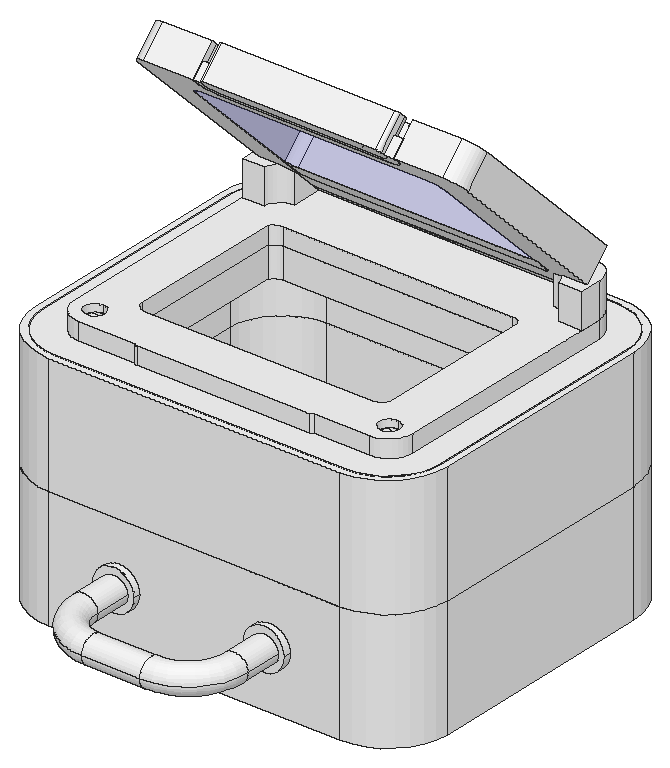
Revit family "Domotics-SerieCivili-GEWISS-27COMBI_SYSTEM-IP55_PALO", category Apparecchi elettrici, host Superficie, Revit 2016 (continued)
Definition of nested family "SYSTEM CONTENITORI IP55 3P PALO_BASE"
  Automatic sketch dimensions
    Extrusion 4 sketch curve to Extrusion 4 sketch curve = 0.508 mm
    Extrusion 4 sketch curve to Extrusion 4 sketch curve = 0.492 mm
    Extrusion 4 sketch curve to plane 3 "Centro (Sinistra/Destra)" = 25.037 mm
    Extrusion 4 sketch curve to Extrusion 4 sketch curve = 7.602 mm
    Extrusion 4 sketch curve to Extrusion 4 sketch curve = 8.737 mm
    Extrusion 4 sketch curve to plane 13 = 14.737 mm
    Extrusion 4 sketch curve to Extrusion 4 sketch curve = 0.027 mm
    plane 4 to Revolve 8 sketch curve = 15.022 mm
    Revolve 8 sketch curve to Revolve 8 sketch curve = 2.225 mm
    Revolve 8 sketch curve to Revolve 8 sketch curve = 2.242 mm
    Revolve 8 sketch curve to Revolve 8 sketch curve = 1.974 mm
    Revolve 8 sketch curve to Revolve 8 sketch curve = 0 mm  (x3)
    plane 10 "1" to Extrusion 9 sketch curve = 0 mm
    plane 4 to Extrusion 9 sketch curve = 17.263 mm
    plane 5 to Revolve 10 sketch curve = 15.022 mm
    Revolve 10 sketch curve to Revolve 10 sketch curve = 2.225 mm
    Revolve 10 sketch curve to Revolve 10 sketch curve = 2.242 mm
    Revolve 10 sketch curve to Revolve 10 sketch curve = 1.974 mm
    Revolve 10 sketch curve to Revolve 10 sketch curve = 0 mm  (x3)
    plane 10 "1" to Extrusion 11 sketch curve = 0 mm
    plane 13 to Extrusion 11 sketch curve = 14.737 mm
    Extrusion 12 sketch curve to plane 7 = 17.169 mm
    Extrusion 12 sketch curve to plane 4 = 17.263 mm
    Extrusion 13 sketch curve to Extrusion 13 sketch curve = 0 mm  (x2)
    plane 7 to Extrusion 13 sketch curve = 17.169 mm
    Extrusion 13 sketch curve to plane 13 = 15.263 mm
    Extrusion 13 sketch curve to Extrusion 13 sketch curve = 3 mm
    Extrusion 15 sketch curve to Extrusion 15 sketch curve = 0 mm  (x5)
    plane 10 "1" to Extrusion 15 sketch curve = 0 mm  (x2)
    Extrusion 15 sketch curve to plane 10 "1" = 6.5 mm  (x2)
    Extrusion 15 sketch curve to plane 5 = 7.985 mm
    plane 6 to Extrusion 15 sketch curve = 161.894 mm
    plane 4 to Extrusion 15 sketch curve = 7.985 mm
    plane 10 "1" to Extrusion 15 sketch curve = 0.5 mm  (x2)
    plane 10 "1" to Extrusion 15 sketch curve = 2.155 mm  (x2)
    Extrusion 15 sketch curve to Extrusion 15 sketch curve = 6.531 mm
    Extrusion 15 sketch curve to Extrusion 15 sketch curve = 6.539 mm
    Extrusion 15 sketch curve to Extrusion 15 sketch curve = 5.497 mm  (x2)
    plane 4 to Extrusion 15 sketch curve = 10.763 mm
    Extrusion 15 sketch curve to Extrusion 15 sketch curve = 0.5 mm
    Extrusion 15 sketch curve to Extrusion 15 sketch curve = 4.5 mm
    Extrusion 15 sketch curve to Extrusion 15 sketch curve = 0.189 mm  (x2)
    Extrusion 15 sketch curve to plane 13 = 9.548 mm
    Extrusion 15 sketch curve to Extrusion 15 sketch curve = 5 mm
    Extrusion 15 sketch curve to Extrusion 15 sketch curve = 0.027 mm
    Extrusion 15 sketch curve to plane 10 "1" = 3 mm
    Extrusion 15 sketch curve to Extrusion 15 sketch curve = 3 mm
    Revolve 40 sketch curve to plane 12 = 0 mm
    plane 4 to Revolve 40 sketch curve = 15.022 mm
    plane 11 "PIANO BIDIMENSIONALE" to Revolve 40 sketch curve = 1.026 mm
    Revolve 40 sketch curve to Revolve 40 sketch curve = 2.225 mm
    Revolve 40 sketch curve to plane 9 = 1 mm
    Revolve 40 sketch curve to Revolve 40 sketch curve = 0 mm  (x2)
    Revolve 41 sketch curve to plane 12 = 0 mm
    Revolve 41 sketch curve to plane 5 = 14.475 mm
    plane 11 "PIANO BIDIMENSIONALE" to Revolve 41 sketch curve = 1.026 mm
    Revolve 41 sketch curve to Revolve 41 sketch curve = 2.225 mm
    Revolve 41 sketch curve to plane 9 = 1 mm
    Revolve 41 sketch curve to Revolve 41 sketch curve = 0 mm  (x2)
    plane 4 to Extrusion 42 sketch curve = 2 mm
    plane 10 "1" to Extrusion 42 sketch curve = 0.669 mm  (x2)
    Extrusion 42 sketch curve to Extrusion 42 sketch curve = 15.5 mm
    plane 7 to Extrusion 42 sketch curve = 2 mm
    plane 4 to Extrusion 42 sketch curve = 17.5 mm
    Extrusion 42 sketch curve to Extrusion 42 sketch curve = 6 mm
    Extrusion 42 sketch curve to Extrusion 42 sketch curve = 3 mm  (x3)
    Extrusion 42 sketch curve to plane 13 = 5.5 mm  (x2)
    Extrusion 42 sketch curve to plane 13 = 14.5 mm  (x2)
    Extrusion 42 sketch curve to Extrusion 42 sketch curve = 6.169 mm
    plane 10 "1" to Extrusion 42 sketch curve = 15.5 mm
    Extrusion 42 sketch curve to Extrusion 42 sketch curve = 14.831 mm
    Extrusion 42 sketch curve to Extrusion 42 sketch curve = 1.803 mm
    Extrusion 43 sketch curve to plane 15 "2" = 0 mm
    plane 16 to Extrusion 43 sketch curve = 0 mm
    Extrusion 44 sketch curve to plane 15 "2" = 0 mm
    plane 3 "Centro (Sinistra/Destra)" to Extrusion 44 sketch curve = 22 mm
    Sweep 45 sketch curve to profile plane = 0 mm
    profile plane to Sweep 45 sketch curve = 4.038 mm
    Extrusion 46 sketch curve to plane 15 "2" = 0 mm
    plane 16 to Extrusion 46 sketch curve = 0 mm
    Extrusion 47 sketch curve to plane 15 "2" = 0 mm
    Extrusion 47 sketch curve to plane 3 "Centro (Sinistra/Destra)" = 22 mm
    Sweep 48 sketch curve to profile plane = 0 mm
    Sweep 48 sketch curve to profile plane = 4.038 mm
    curve 4 to curve 13 = 0 mm  (x4)
    curve 6 to curve 15 = 0 mm  (x4)
    curve 111 to curve 108 = 0 mm
    curve 111 to curve 104 = 1 mm
    curve 108 to curve 105 = 1 mm
    curve 59 to curve 18 = 0.5 mm
    curve 52 to curve 20 = 0.5 mm
    curve 18 to curve 9 = 0.012 mm
    curve 20 to curve 11 = 0.127 mm
    curve 9 to curve 8 = 0.157 mm
    curve 11 to curve 3 = 0.042 mm
    curve 85 to curve 57 = 0.152 mm
    curve 83 to curve 50 = 0.152 mm
    curve 85 to curve 79 = 8 mm
    curve 82 to curve 73 = 44 mm
    curve 78 to curve 63 = 5.169 mm
    curve 73 to curve 44 = 5.169 mm
    curve 63 to curve 28 = 3.831 mm
    curve 22 to curve 4 = 0.169 mm
    curve 28 to curve 6 = 0.169 mm
    curve 4 to curve 45 = 0.331 mm
    curve 28 to curve 68 = 0.5 mm
    curve 68 to curve 65 = 0.169 mm
    curve 45 to curve 42 = 0.169 mm
    curve 65 to curve 122 = 2.688 mm
    curve 42 to curve 120 = 2.688 mm
    curve 122 to curve 30 = 0.977 mm
    curve 120 to curve 32 = 0.977 mm
    curve 30 to curve 37 = 0.457 mm
    curve 32 to curve 34 = 0.457 mm
    curve 34 to curve 35 = 0 mm
    curve 36 to curve 37 = 0 mm
    curve 30 to curve 38 = 0.457 mm
    curve 35 to curve 101 = 25.799 mm
    curve 101 to curve 98 = 0 mm
    curve 98 to curve 95 = 1 mm
    curve 101 to curve 93 = 1 mm
    curve 49 to curve 44 = 5.315 mm
    curve 44 to curve 42 = 3.7 mm
    curve 42 to curve 45 = 0.263 mm
    curve 52 to curve 3 = 0.237 mm
    curve 45 to curve 13 = 0.237 mm
    curve 3 to curve 11 = 0.004 mm
    curve 4 to curve 22 = 0.263 mm
    curve 11 to curve 20 = 0.259 mm
    curve 20 to curve 50 = 4.689 mm
    curve 50 to curve 83 = 4.048 mm
    curve 40 to curve 24 = 13.463 mm
    curve 24 to curve 120 = 0.5 mm
    curve 120 to curve 32 = 1.5 mm
    curve 32 to curve 34 = 5.7 mm
    curve 24 to curve 93 = 9.592 mm
    curve 34 to curve 35 = 8.8 mm
    curve 111 to curve 104 = 6.982 mm
    curve 93 to curve 101 = 6.982 mm
    curve 101 to curve 100 = 8.5 mm
    curve 101 to curve 55 = 8.633 mm
    curve 35 to curve 36 = 8.8 mm
    curve 104 to curve 105 = 17 mm
    curve 100 to curve 98 = 8.5 mm
    curve 36 to curve 37 = 8.8 mm
    curve 105 to curve 108 = 6.982 mm
    curve 98 to curve 95 = 6.982 mm
    curve 37 to curve 38 = 8.8 mm
    curve 38 to curve 30 = 5.7 mm
    curve 30 to curve 122 = 1.5 mm
    curve 30 to curve 26 = 2 mm
    curve 108 to curve 79 = 17.98 mm
    curve 122 to curve 78 = 8.437 mm
    curve 85 to curve 79 = 0 mm
    curve 85 to curve 57 = 4.575 mm
    curve 78 to curve 67 = 5 mm
    curve 57 to curve 8 = 4.425 mm
    curve 8 to curve 9 = 0.029 mm
    curve 9 to curve 18 = 0.235 mm
    curve 6 to curve 28 = 0.263 mm
    curve 6 to curve 65 = 0.5 mm
    curve 18 to curve 59 = 0.5 mm
    curve 65 to curve 68 = 0.263 mm
    curve 105 to curve 114 = 11.922 mm
    curve 116 to curve 116 = 1 mm
    curve 113 to curve 115 = 1 mm
    curve 1 to curve 10 = 3.567 mm
    curve 56 to curve 55 = 2.9 mm
    curve 51 to curve 55 = 2.901 mm
    curve 53 to curve 52 = 2 mm
    curve 60 to curve 59 = 1.728 mm
    curve 61 to curve 59 = 1.276 mm
    curve 54 to curve 20 = 1.05 mm
    curve 12 to curve 3 = 1.067 mm
    curve 52 to curve 54 = 0.55 mm
    curve 8 to curve 61 = 0.607 mm
    curve 59 to curve 60 = 1.728 mm
    curve 3 to curve 53 = 1.331 mm
    curve 54 to curve 51 = 2.705 mm
    curve 61 to curve 57 = 1.176 mm
    curve 83 to curve 83 = 3 mm
    curve 53 to curve 49 = 4.833 mm
    curve 49 to curve 48 = 0.169 mm
    curve 48 to curve 49 = 0.029 mm
    curve 58 to curve 57 = 0.325 mm
    curve 57 to curve 62 = 0.15 mm
    curve 62 to curve 58 = 0.032 mm
    curve 79 to curve 79 = 1.697 mm
    curve 81 to curve 82 = 1.697 mm
    curve 75 to curve 82 = 0.5 mm
    curve 118 to curve 79 = 0.5 mm
    curve 73 to curve 76 = 0.5 mm
    curve 76 to curve 72 = 2.5 mm
    curve 42 to curve 22 = 2.831 mm
    curve 63 to curve 63 = 1 mm
    curve 64 to curve 69 = 1.331 mm
    curve 42 to curve 46 = 1.701 mm
    curve 16 to curve 6 = 1.102 mm
    curve 47 to curve 22 = 0.821 mm
    curve 70 to curve 68 = 0.55 mm
    curve 12 to curve 13 = 0 mm  (x2)
    curve 6 to curve 70 = 0.881 mm
    curve 42 to curve 47 = 1.152 mm
    curve 45 to curve 46 = 1.631 mm
    curve 65 to curve 69 = 1.831 mm
    curve 40 to curve 40 = 1 mm
    curve 120 to curve 39 = 2.012 mm
    curve 67 to curve 67 = 1 mm
    curve 71 to curve 123 = 1.631 mm
    curve 39 to curve 119 = 1.631 mm
    curve 27 to curve 25 = 0.492 mm
    curve 13 to curve 5 = 3.65 mm
    curve 91 to curve 90 = 1 mm
    curve 88 to curve 92 = 1 mm
    curve 95 to curve 95 = 1 mm
    curve 100 to curve 99 = 7 mm
    curve 49 to curve 48 = 1.537 mm
    curve 54 to curve 52 = 2.1 mm
    curve 47 to curve 42 = 1.459 mm
    curve 46 to curve 42 = 1.019 mm
    curve 53 to curve 52 = 0.55 mm
    curve 3 to curve 53 = 0.313 mm
    curve 45 to curve 46 = 1.282 mm
    curve 22 to curve 47 = 1.223 mm
    curve 20 to curve 54 = 1.6 mm
    curve 54 to curve 55 = 2.9 mm
    curve 80 to curve 82 = 1.15 mm
    curve 76 to curve 73 = 1.15 mm
    curve 86 to curve 24 = 2.963 mm
    curve 124 to curve 104 = 2.038 mm
    curve 33 to curve 23 = 0.138 mm
    curve 102 to curve 92 = 9.518 mm
    curve 112 to curve 110 = 9.518 mm
    curve 92 to curve 87 = 0.444 mm
    curve 110 to curve 116 = 0.444 mm
    curve 108 to curve 115 = 0.48 mm
    curve 95 to curve 90 = 0.48 mm
    curve 113 to curve 107 = 0.52 mm
    curve 27 to curve 26 = 0.138 mm
    curve 106 to curve 113 = 1.962 mm
    curve 97 to curve 91 = 1.962 mm
    curve 26 to curve 123 = 3 mm
    curve 78 to curve 118 = 1.15 mm
    curve 57 to curve 8 = 4.437 mm
    curve 70 to curve 6 = 1.337 mm
    curve 61 to curve 8 = 0.872 mm
    curve 60 to curve 59 = 1.314 mm
    curve 69 to curve 65 = 0.287 mm
    curve 65 to curve 69 = 0.813 mm
    curve 59 to curve 60 = 1.314 mm
    curve 59 to curve 61 = 1.636 mm
    curve 68 to curve 70 = 2.1 mm
    curve 62 to curve 58 = 2.063 mm
    curve 252 to curve 261 = 0 mm  (x4)
    curve 254 to curve 263 = 0 mm  (x4)
    curve 359 to curve 356 = 0 mm
    curve 359 to curve 352 = 1 mm
    curve 356 to curve 353 = 1 mm
    curve 307 to curve 266 = 0.5 mm
    curve 300 to curve 268 = 0.5 mm
    curve 266 to curve 257 = 0.012 mm
    curve 268 to curve 259 = 0.127 mm
    curve 257 to curve 256 = 0.157 mm
    curve 259 to curve 251 = 0.042 mm
    curve 333 to curve 305 = 0.152 mm
    curve 331 to curve 298 = 0.152 mm
    curve 333 to curve 327 = 8 mm
    curve 330 to curve 321 = 44 mm
    curve 326 to curve 311 = 5.169 mm
    curve 321 to curve 292 = 5.169 mm
    curve 311 to curve 276 = 3.831 mm
    curve 270 to curve 252 = 0.169 mm
    curve 276 to curve 254 = 0.169 mm
    curve 252 to curve 293 = 0.331 mm
    curve 276 to curve 316 = 0.5 mm
    curve 316 to curve 313 = 0.169 mm
    curve 293 to curve 290 = 0.169 mm
    curve 313 to curve 370 = 2.688 mm
    curve 290 to curve 368 = 2.688 mm
    curve 370 to curve 278 = 0.977 mm
    curve 368 to curve 280 = 0.977 mm
    curve 278 to curve 285 = 0.457 mm
    curve 280 to curve 282 = 0.457 mm
    curve 282 to curve 283 = 0 mm
    curve 284 to curve 285 = 0 mm
    curve 278 to curve 286 = 0.457 mm
    curve 283 to curve 349 = 25.799 mm
    curve 349 to curve 346 = 0 mm
    curve 346 to curve 343 = 1 mm
    curve 349 to curve 341 = 1 mm
    curve 297 to curve 292 = 5.315 mm
    curve 292 to curve 290 = 3.7 mm
    curve 290 to curve 293 = 0.263 mm
    curve 300 to curve 251 = 0.237 mm
    curve 293 to curve 261 = 0.237 mm
    curve 251 to curve 259 = 0.004 mm
    curve 252 to curve 270 = 0.263 mm
    curve 259 to curve 268 = 0.259 mm
    curve 268 to curve 298 = 4.689 mm
    curve 298 to curve 331 = 4.048 mm
    curve 288 to curve 272 = 13.463 mm
    curve 272 to curve 368 = 0.5 mm
    curve 368 to curve 280 = 1.5 mm
    curve 280 to curve 282 = 5.7 mm
    curve 272 to curve 341 = 9.592 mm
    curve 282 to curve 283 = 8.8 mm
    curve 359 to curve 352 = 6.982 mm
    curve 341 to curve 349 = 6.982 mm
    curve 349 to curve 348 = 8.5 mm
    curve 349 to curve 303 = 8.633 mm
    curve 283 to curve 284 = 8.8 mm
    curve 352 to curve 353 = 17 mm
    curve 348 to curve 346 = 8.5 mm
    curve 284 to curve 285 = 8.8 mm
    curve 353 to curve 356 = 6.982 mm
    curve 346 to curve 343 = 6.982 mm
    curve 285 to curve 286 = 8.8 mm
    curve 286 to curve 278 = 5.7 mm
    curve 278 to curve 370 = 1.5 mm
    curve 278 to curve 274 = 2 mm
    curve 356 to curve 327 = 17.98 mm
    curve 370 to curve 326 = 8.437 mm
    curve 333 to curve 327 = 0 mm
    curve 333 to curve 305 = 4.575 mm
    curve 326 to curve 315 = 5 mm
    curve 305 to curve 256 = 4.425 mm
    curve 256 to curve 257 = 0.029 mm
    curve 257 to curve 266 = 0.235 mm
    curve 254 to curve 276 = 0.263 mm
    curve 254 to curve 313 = 0.5 mm
    curve 266 to curve 307 = 0.5 mm
    curve 313 to curve 316 = 0.263 mm
    curve 353 to curve 362 = 11.922 mm
    curve 364 to curve 364 = 1 mm
    curve 361 to curve 363 = 1 mm
    curve 249 to curve 258 = 3.567 mm
    curve 304 to curve 303 = 2.9 mm
    curve 299 to curve 303 = 2.901 mm
    curve 301 to curve 300 = 2 mm
    curve 308 to curve 307 = 1.728 mm
    curve 309 to curve 307 = 1.276 mm
    curve 302 to curve 268 = 1.05 mm
    curve 260 to curve 251 = 1.067 mm
    curve 300 to curve 302 = 0.55 mm
    curve 256 to curve 309 = 0.607 mm
    curve 307 to curve 308 = 1.728 mm
    curve 251 to curve 301 = 1.331 mm
    curve 302 to curve 299 = 2.705 mm
    curve 309 to curve 305 = 1.176 mm
    curve 331 to curve 331 = 3 mm
    curve 301 to curve 297 = 4.833 mm
    curve 297 to curve 296 = 0.169 mm
    curve 296 to curve 297 = 0.029 mm
    curve 306 to curve 305 = 0.325 mm
    curve 305 to curve 310 = 0.15 mm
    curve 310 to curve 306 = 0.032 mm
    curve 327 to curve 327 = 1.697 mm
    curve 329 to curve 330 = 1.697 mm
    curve 323 to curve 330 = 0.5 mm
    curve 366 to curve 327 = 0.5 mm
    curve 321 to curve 324 = 0.5 mm
    curve 324 to curve 320 = 2.5 mm
    curve 290 to curve 270 = 2.831 mm
    curve 311 to curve 311 = 1 mm
    curve 312 to curve 317 = 1.331 mm
    curve 290 to curve 294 = 1.701 mm
    curve 264 to curve 254 = 1.102 mm
    curve 295 to curve 270 = 0.821 mm
    curve 318 to curve 316 = 0.55 mm
    curve 260 to curve 261 = 0 mm  (x2)
    curve 254 to curve 318 = 0.881 mm
    curve 290 to curve 295 = 1.152 mm
    curve 293 to curve 294 = 1.631 mm
    curve 313 to curve 317 = 1.831 mm
    curve 288 to curve 288 = 1 mm
    curve 368 to curve 287 = 2.012 mm
    curve 315 to curve 315 = 1 mm
    curve 319 to curve 371 = 1.631 mm
    curve 287 to curve 367 = 1.631 mm
    curve 275 to curve 273 = 0.492 mm
    curve 261 to curve 253 = 3.65 mm
    curve 339 to curve 338 = 1 mm
    curve 336 to curve 340 = 1 mm
    curve 343 to curve 343 = 1 mm
    curve 348 to curve 347 = 7 mm
    curve 297 to curve 296 = 1.537 mm
    curve 302 to curve 300 = 2.1 mm
    curve 295 to curve 290 = 1.459 mm
    curve 294 to curve 290 = 1.019 mm
    curve 301 to curve 300 = 0.55 mm
    curve 251 to curve 301 = 0.313 mm
    curve 293 to curve 294 = 1.282 mm
    curve 270 to curve 295 = 1.223 mm
    curve 268 to curve 302 = 1.6 mm
    curve 302 to curve 303 = 2.9 mm
    curve 328 to curve 330 = 1.15 mm
    curve 324 to curve 321 = 1.15 mm
    curve 334 to curve 272 = 2.963 mm
    curve 372 to curve 352 = 2.038 mm
    curve 281 to curve 271 = 0.138 mm
    curve 350 to curve 340 = 9.518 mm
    curve 360 to curve 358 = 9.518 mm
    curve 340 to curve 335 = 0.444 mm
    curve 358 to curve 364 = 0.444 mm
    curve 356 to curve 363 = 0.48 mm
    curve 343 to curve 338 = 0.48 mm
    curve 361 to curve 355 = 0.52 mm
    curve 275 to curve 274 = 0.138 mm
    curve 354 to curve 361 = 1.962 mm
    curve 345 to curve 339 = 1.962 mm
    curve 274 to curve 371 = 3 mm
    curve 326 to curve 366 = 1.15 mm
    curve 305 to curve 256 = 4.437 mm
    curve 318 to curve 254 = 1.337 mm
    curve 309 to curve 256 = 0.872 mm
    curve 308 to curve 307 = 1.314 mm
    curve 317 to curve 313 = 0.287 mm
    curve 313 to curve 317 = 0.813 mm
    curve 307 to curve 308 = 1.314 mm
    curve 307 to curve 309 = 1.636 mm
    curve 316 to curve 318 = 2.1 mm
    curve 310 to curve 306 = 2.063 mm
    Extrusion 49 sketch curve to plane 13 = 14.5 mm
    plane 10 "1" to Extrusion 49 sketch curve = 0.669 mm
    plane 4 to Extrusion 49 sketch curve = 17.5 mm  (x2)
    plane 4 to Extrusion 5 sketch curve = 7.985 mm
    plane 6 to Extrusion 5 sketch curve = 161.894 mm
    plane 10 "1" to Extrusion 6 sketch curve = 4.5 mm
    plane 4 to Extrusion 6 sketch curve = 23.5 mm
    Extrusion 14 sketch curve to plane 16 = 1.563 mm
    plane 7 to Extrusion 14 sketch curve = 16.335 mm
    plane 7 to Extrusion 18 sketch curve = 18.812 mm
    Extrusion 18 sketch curve to plane 3 "Centro (Sinistra/Destra)" = 29.037 mm
    plane 4 to Extrusion 26 sketch curve = 7.985 mm
    Extrusion 27 sketch curve to plane 13 = 5.5 mm
    Extrusion 29 sketch curve to plane 16 = 1.563 mm
    Extrusion 32 sketch curve to plane 3 "Centro (Sinistra/Destra)" = 24.537 mm
    radius of Extrusion 4 sketch curve = 3 mm  (x4)
    radius of Extrusion 9 sketch curve = 3 mm
    radius of Extrusion 11 sketch curve = 3 mm
    radius of Extrusion 12 sketch curve = 3 mm
    radius of Extrusion 43 sketch curve = 6 mm
    radius of Extrusion 44 sketch curve = 6 mm
    radius of Sweep 45 sketch curve = 4.038 mm
    radius of Extrusion 46 sketch curve = 6 mm
    radius of Extrusion 47 sketch curve = 6 mm
    radius of Sweep 48 sketch curve = 4.038 mm
    radius of curve 34 = 1 mm
    radius of curve 35 = 1 mm
    radius of curve 36 = 1 mm
    radius of curve 37 = 1 mm
    radius of curve 38 = 1 mm
    radius of curve 45 = 3 mm
    radius of curve 52 = 3 mm
    radius of curve 59 = 3 mm
    radius of curve 68 = 3 mm
    radius of curve 100 = 2 mm
    radius of curve 282 = 1 mm
    radius of curve 283 = 1 mm
    radius of curve 284 = 1 mm
    radius of curve 285 = 1 mm
    radius of curve 286 = 1 mm
    radius of curve 293 = 3 mm
    radius of curve 300 = 3 mm
    radius of curve 307 = 3 mm
    radius of curve 316 = 3 mm
    radius of curve 348 = 2 mm
